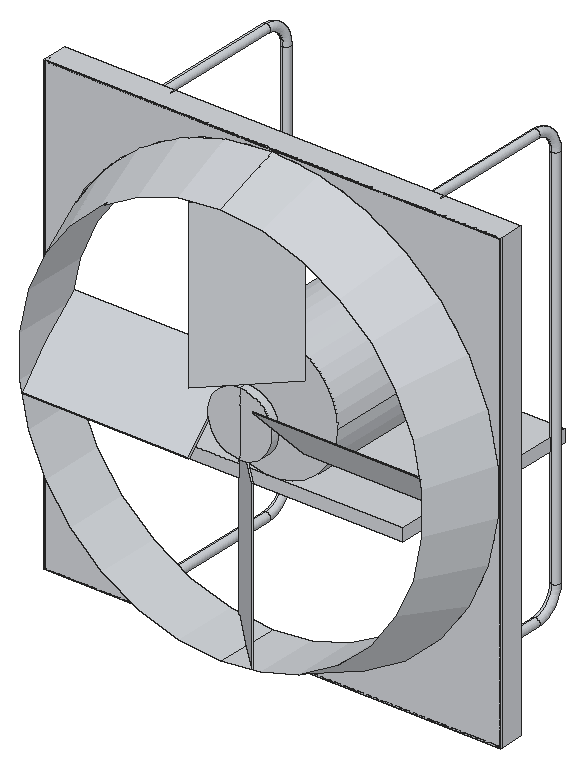
Revit family "AWD", category Mechanical Equipment, Revit 2019
Family settings
  Round Connector Dimension = Use Diameter
  Part Type = Normal
  Work Plane-Based = No
  Always vertical = Yes
  Cut with Voids When Loaded = No
  Shared = No
  Room Calculation Point = No
Parameters (values of type "48_AWD")
  Wire_Guard [instance] = no
  Weather_Hood [instance] = no
  Wall_Collar [instance] = no
  WH_B/2 = WH_B / 2  # 29"
  WH_B = 58"
  WH_A = 44 3/16"
  WG_D = 13 7/16"
  WG_C = 1 1/2"
  WG_B = 55"
  WC_C = 52 1/2"
  WC_B = 57 5/8"
  92 = 92.00°  # constant formula
  130 = 130.00°  # constant formula
  -WH_B/2 = -WH_B / 2  # -29"
  -WC_D = -19 11/16"
  WC_A = 54 1/4"
  -WG_A = -28 7/16"
  Unit Weight [instance] = ""
  Sones [instance] = ""
  SIZE/2 = SIZE / 2  # 24"
  SIZE = 48"
  Motor RPM [instance] = ""
  Motor Enclosure [instance] = ""
  LwA [instance] = ""
  Fan RPM [instance] = ""
  D/2 = D / 2  # 1 1/2"
  D = 3"
  C/2 = C / 2  # 3 13/16"
  C = 7 5/8"
  B/2 = B / 2  # 12"
  B = 24"
  A/7 = A / 7  # 7.74107"
  A/3.5 = A / 3.5  # 15.48214"
  A/2 = A / 2  # 27 3/32"
  A = 54 3/16"
  9" = 9"  # constant formula
  3" = 3"  # constant formula
  Brake Hp [instance] = ""
  4" = 4"  # constant formula
  2' = 24"
  2" = 2"  # constant formula
  1" = 1"  # constant formula
  0 = 0"  # constant formula
  Voltage [instance] = 0 V
  URL = "www.lorencook.com"
  Type Comments = "Wall Exhaust Fan Cast Aluminum Propeller Direct Drive"  # constant formula
  Static Pressure [instance] = 0.00 in-wg
  Power [instance] = Voltage * Motor FLA * sqrt(if(Phase = 3, 3, 1))  # 0 VA
  Phase [instance] = 0
  Number of Poles [instance] = 1
  Motor Hp [instance] = "0"
  Motor FLA [instance] = 0 A
  Model = "AWD"  # constant formula
  Manufacturer = "Loren Cook Company"
  CFM [instance] = 0 CFM
  1.5 = 1 1/2"  # constant formula
  .5" = 1/2"  # constant formula
  .125 = 1/8"  # constant formula
  -D = -D  # -3"
  -C/2 = -C / 2  # -3 13/16"
  -B+1" = -B + 1"  # -23"
  -B = -B  # -24"
  -((SIZE/2)-.25") = -((SIZE / 2) - 1/4")  # -23 3/4"
  -((A/2)-C-.5") = -((A / 2) - C - 1/2")  # -18 31/32"
  (SIZE/2)-.25" = (SIZE / 2) - 1/4"  # 23 3/4"
  (A/2)-C-.5" = (A / 2) - C - 1/2"  # 18 31/32"
  (A/2)-1" = (A / 2) - 1/4"  # 26 27/32"
Types (9): name | WH_B/2 | WH_B | WH_A | WG_D | WG_C | WG_B | WC_C | WC_B | -WH_B/2 | -WC_D | WC_A | -WG_A | SIZE/2 | SIZE | D/2 | D | C/2 | C | B/2 | B | A/7 | A/3.5 | A/2 | A | -D | -C/2 | -B+1" | -B | -((SIZE/2)-.25") | -((A/2)-C-.5") | (SIZE/2)-.25" | (A/2)-C-.5" | (A/2)-1"
  (no name) | 29" | 58" | 44 3/16" | 13 7/16" | 1 1/2" | 55" | 52 1/2" | 57 5/8" | -29" | -19 11/16" | 54 1/4" | -28 7/16" | 24" | 48" | 1 1/2" | 3" | 3 13/16" | 7 5/8" | 12" | 24" | 7.74107" | 15.48214" | 27 3/32" | 54 3/16" | -3" | -3 13/16" | -23" | -24" | -23 3/4" | -18 31/32" | 23 3/4" | 18 31/32" | 26 27/32"
  12_AWD | 11" | 22" | 18 11/16" | 12 9/16" | 1" | 17" | 14 3/8" | 19 1/2" | -11" | -14 5/16" | 16 3/16" | -12 9/16" | 6" | 12" | 1" | 2" | 1 5/8" | 3 1/4" | 7 11/16" | 15 3/8" | 2 5/16" | 4 5/8" | 8 3/32" | 16 3/16" | -2" | -1 5/8" | -14 3/8" | -15 3/8" | -5 3/4" | -4 11/32" | 5 3/4" | 4 11/32" | 7 27/32"
  16_AWD | 13" | 26" | 21 11/16" | 12 9/16" | 1" | 21" | 18 3/8" | 23 1/2" | -13" | -15 5/16" | 20 3/16" | -12 9/16" | 8" | 16" | 1" | 2" | 2 1/4" | 4 1/2" | 7 1/16" | 14 1/8" | 2.88393" | 5.76786" | 10 3/32" | 20 3/16" | -2" | -2 1/4" | -13 1/8" | -14 1/8" | -7 3/4" | -5 3/32" | 7 3/4" | 5 3/32" | 9 27/32"
  20_AWD | 15" | 30" | 24 3/8" | 12 9/16" | 1" | 25" | 22 3/8" | 27 1/2" | -15" | -17 1/2" | 24 1/4" | -12 9/16" | 10" | 20" | 1" | 2" | 2 5/8" | 5 1/4" | 7 1/16" | 14 1/8" | 3.45536" | 6.91071" | 12 3/32" | 24 3/16" | -2" | -2 5/8" | -13 1/8" | -14 1/8" | -9 3/4" | -6 11/32" | 9 3/4" | 6 11/32" | 11 27/32"
  24_AWD | 17" | 34" | 27 1/8" | 12 9/16" | 1 1/2" | 31" | 28 7/16" | 33 9/16" | -17" | -18 11/16" | 30 1/4" | -20 9/16" | 12" | 24" | 1" | 2" | 3 3/8" | 6 3/4" | 7 5/16" | 14 5/8" | 4 5/16" | 8 5/8" | 15 3/32" | 30 3/16" | -2" | -3 3/8" | -13 5/8" | -14 5/8" | -11 3/4" | -7 27/32" | 11 3/4" | 7 27/32" | 14 27/32"
  30_AWD | 20" | 40" | 31 7/16" | 12 9/16" | 1 1/2" | 37" | 34 7/16" | 39 9/16" | -20" | -18 11/16" | 36 1/4" | -20 9/16" | 15" | 30" | 1 1/2" | 3" | 3 3/8" | 6 3/4" | 7 5/16" | 14 5/8" | 5.16964" | 10.33929" | 18 3/32" | 36 3/16" | -3" | -3 3/8" | -13 5/8" | -14 5/8" | -14 3/4" | -10 27/32" | 14 3/4" | 10 27/32" | 17 27/32"
  36_AWD | 23" | 46" | 35 11/16" | 12 9/16" | 1 1/2" | 43" | 40 1/2" | 45 9/16" | -23" | -19 7/16" | 42 1/4" | -20 9/16" | 18" | 36" | 1 1/2" | 3" | 3 11/16" | 7 3/8" | 11" | 22" | 6.02679" | 12.05357" | 21 3/32" | 42 3/16" | -3" | -3 11/16" | -21" | -22" | -17 3/4" | -13 7/32" | 17 3/4" | 13 7/32" | 20 27/32"
  42_AWD | 26" | 52" | 39 15/16" | 12 9/16" | 1 1/2" | 49" | 46 1/2" | 51 5/8" | -26" | -19 7/16" | 48 1/4" | -25 9/16" | 21" | 42" | 1 1/2" | 3" | 3 13/16" | 7 5/8" | 12" | 24" | 6.88393" | 13.76786" | 24 3/32" | 48 3/16" | -3" | -3 13/16" | -23" | -24" | -20 3/4" | -15 31/32" | 20 3/4" | 15 31/32" | 23 27/32"
  48_AWD | 29" | 58" | 44 3/16" | 13 7/16" | 1 1/2" | 55" | 52 1/2" | 57 5/8" | -29" | -19 11/16" | 54 1/4" | -28 7/16" | 24" | 48" | 1 1/2" | 3" | 3 13/16" | 7 5/8" | 12" | 24" | 7.74107" | 15.48214" | 27 3/32" | 54 3/16" | -3" | -3 13/16" | -23" | -24" | -23 3/4" | -18 31/32" | 23 3/4" | 18 31/32" | 26 27/32"
Reference planes (in)
  plane 1 "Center (Front/Back)": y = 0
  plane 2: z = 0
  plane 3 "Center (Left/Right)": x = 0.40541
  plane 4: y = 1.5
Forms (in)
  Revolve 1, solid
    sketch origin (0.40541, 0, 0) x (0, 1, 0) y (0, 0, 1)
      loop
        line (-4.8125, 3.8125) -> (-4.8125, 0) -> (-3.8125, 0) -> (-3.8125, 3.8125) -> (-4.8125, 3.8125)
      axis (-4.8125, 0) -> (-3.8125, 0)
    angle from 0 to 360
  Extrusion 2, solid
    sketch origin (0.40541, 0, 0) x (0, 1, 0) y (0, 0, 1)
      loop
        line (0, -3.8125) -> (-7.625, 3.8125) -> (-7.71339, 3.72411) -> (-0.08839, -3.90089) -> (0, -3.8125)
    from 30 to 3.8125 <- "C/2"
  Extrusion 3, solid
    sketch origin (0.40541, 0, 0) x (0, 1, 0) y (-1, 0, 0)
      loop
        line (0, -3.8125) -> (-7.625, 3.8125) -> (-7.71339, 3.72411) -> (-0.08839, -3.90089) -> (0, -3.8125)
    from 30 to 3.8125 <- "C/2"
  Extrusion 4, solid
    sketch origin (0.40541, 0, 0) x (0, 1, 0) y (0, 0, -1)
      loop
        line (0, -3.8125) -> (-7.625, 3.8125) -> (-7.71339, 3.72411) -> (-0.08839, -3.90089) -> (0, -3.8125)
    from 30 to 3.8125 <- "C/2"
  Extrusion 5, solid
    sketch origin (0.40541, 0, 0) x (1, 0, 0) y (0, 1, 0)
      loop
        line (-3.8125, 0) -> (-3.90089, -0.08839) -> (3.72411, -7.71339) -> (3.8125, -7.625) -> (-3.8125, 0)
    from -30 to -3.8125 <- "-C/2"
  Extrusion 6, void
    sketch origin (0, 0, 0) x (1, 0, 0) y (0, 0, 1)
      loop
        circle (0.40541, 0) r 23.75
      loop
        circle (0.40541, 0) r 40
    from 0 to 9 <- "9""
  Extrusion 7, solid
    sketch origin (0, 0, 0) x (1, 0, 0) y (0, 0, 1)
      loop
        line (-26.68834, 27.09375) -> (-26.68834, -27.09375) -> (27.49916, -27.09375) -> (27.49916, 27.09375) -> (-26.68834, 27.09375)
      loop
        circle (0.40541, 0) r 26.84375
    from 0 to -0.125
  Extrusion 8, solid
    sketch origin (0, 0, 0) x (1, 0, 0) y (0, 0, 1)
      loop
        line (-26.68834, 27.09375) -> (-26.68834, -27.09375) -> (27.49916, -27.09375) -> (27.49916, 27.09375) -> (-26.68834, 27.09375)
      loop
        line (27.37416, -26.96875) -> (27.37416, 26.96875) -> (-26.56334, 26.96875) -> (-26.56334, -26.96875) -> (27.37416, -26.96875)
    from 0 to -3 <- "-D"
  Extrusion 9, solid
    sketch origin (0, 0, 0) x (1, 0, 0) y (0, 0, 1)
      loop
        circle (0.40541, 0) r 7.74107
    from 0 to -23 <- "-B+1""
  Extrusion 10, solid
    sketch origin (0, 0, 0) x (1, 0, 0) y (0, 0, 1)
      loop
        line (-15.07673, -7.74107) -> (-15.07673, -9.24107) -> (15.88756, -9.24107) -> (15.88756, -7.74107) -> (-15.07673, -7.74107)
    from 0 to -24 <- "-B"
  Sweep 11, solid
    path origin (0.40541, 0, 0) x (0, 1, 0) y (0, 0, 1)
      loop
        line (0.125, 25.96875) -> (19, 25.96875)
        arc (19, 25.96875) -> (21.12132, 25.09007) -> (22, 22.96875) r 3
        line (22, 22.96875) -> (22, -22.96875)
        arc (22, -22.96875) -> (21.12132, -25.09007) -> (19, -25.96875) r 3
        line (19, -25.96875) -> (0.125, -25.96875)
    profile origin (0.40541, 9.5625, 25.96875) x (0, 0, 1) y (1, 0, 0)
      loop
        circle (0, -15.98214) r 0.5
      loop
        circle (0, 15.98214) r 0.5
  Revolve 12, solid
    sketch origin (0.40541, 0, 0) x (0, 1, 0) y (0, 0, 1)
      loop
        line (0, 26.84375) -> (-7.625, 24) -> (0, 24) -> (0, 26.84375)
      axis (-7.625, 0) -> (0, 0)
    angle from 0 to 360
  Extrusion 13, solid, material "Glass", visible <- "Wire_Guard"
    sketch origin (0, 1.5, 14.40095) x (0, 0, 1) y (-1, 0, 0)
      loop
        line (13.09905, -27.90541) -> (13.09905, 27.09459) -> (-41.90095, 27.09459) -> (-41.90095, -27.90541) -> (13.09905, -27.90541)
    from 13.4375 <- "WG_D" to -28.4375 <- "-WG_A"
  Extrusion 14, solid, visible <- "Wall_Collar"
    sketch origin (0, 3, 0) x (-1, 0, 0) y (0, 0, 1)
      loop
        line (26.84459, 27.25) -> (-27.65541, 27.25) -> (-27.65541, -27.25) -> (26.84459, -27.25) -> (26.84459, 27.25)
      loop
        line (-27.53041, -27.125) -> (26.71959, -27.125) -> (26.71959, 27.125) -> (-27.53041, 27.125) -> (-27.53041, -27.125)
    from 0 to -19.6875 <- "-WC_D"
  Extrusion 15, solid, visible <- "Wall_Collar"
    sketch origin (0, -16.6875, 0) x (1, 0, 0) y (0, 0, 1)
      loop
        line (-28.40709, 28.8125) -> (-28.40709, -28.8125) -> (29.21791, -28.8125) -> (29.21791, 28.8125) -> (-28.40709, 28.8125)
      loop
        line (26.65541, -26.25) -> (26.65541, 26.25) -> (-25.84459, 26.25) -> (-25.84459, -26.25) -> (26.65541, -26.25)
    from 0 to -0.125
  Extrusion 16, solid, visible <- "Weather_Hood"
    sketch origin (0.40541, 0, 0) x (0, 1, 0) y (0, 0, 1)
      loop
        line (-16.6875, 29) -> (-43.32556, 29) -> (-60.875, 8.08539) -> (-19.6875, -29) -> (-16.6875, -29) -> (-16.6875, 29)
    from -29 <- "-WH_B/2" to 29 <- "WH_B/2"
  Extrusion 17, solid, visible <- "Weather_Hood"
    sketch origin (0.40541, -16.6875, -29) x (0, 0, 1) y (1, 0, 0)
      loop
        line (59.5, -30.5) -> (59.5, 30.5) -> (-1.5, 30.5) -> (-1.5, -30.5) -> (59.5, -30.5)
      loop
        line (0, 29) -> (0, -29) -> (58, -29) -> (58, 29) -> (0, 29)
    from 0 to -0.125
Cuts and joins
  Extrusion 6 cuts Revolve 1
  Extrusion 6 cuts Extrusion 2
  Extrusion 6 cuts Extrusion 3
  Extrusion 6 cuts Extrusion 4
  Extrusion 6 cuts Extrusion 5
Dimensions and locks (in)
  "0": Revolve 1 sketch curve to level  (x2)
  "C/2": Revolve 1 sketch curve to level
  "C/2": plane 1 "Center (Front/Back)" to Revolve 1 sketch curve
  "1"": Revolve 1 sketch curve to Revolve 1 sketch curve
  "0": Extrusion 2 sketch curve to plane 1 "Center (Front/Back)"
  "C": plane 1 "Center (Front/Back)" to Extrusion 2 sketch curve
  "C/2": Extrusion 2 sketch curve to level
  "C/2": level to Extrusion 2 sketch curve
  ".125": Extrusion 2 sketch curve to Extrusion 2 sketch curve
  ".125": Extrusion 3 sketch curve to Extrusion 3 sketch curve
  ".125": Extrusion 4 sketch curve to Extrusion 4 sketch curve
  ".125": Extrusion 5 sketch curve to Extrusion 5 sketch curve
  Extrusion 6 sketch curve to plane 3 "Center (Left/Right)" = 0"  (x2)
  level to Extrusion 6 sketch curve = 0"
  Extrusion 6 sketch curve to level = 0"
  "0": Extrusion 3 sketch curve to plane 1 "Center (Front/Back)"
  "C": Extrusion 3 sketch curve to plane 1 "Center (Front/Back)"
  "C/2": plane 3 "Center (Left/Right)" to Extrusion 3 sketch curve
  "C/2": Extrusion 3 sketch curve to plane 3 "Center (Left/Right)"
  "C": plane 1 "Center (Front/Back)" to Extrusion 4 sketch curve
  "0": Extrusion 4 sketch curve to plane 1 "Center (Front/Back)"
  "C/2": level to Extrusion 4 sketch curve
  "C/2": Extrusion 4 sketch curve to level
  "0": Extrusion 5 sketch curve to plane 1 "Center (Front/Back)"
  "C": Extrusion 5 sketch curve to plane 1 "Center (Front/Back)"
  "C/2": plane 3 "Center (Left/Right)" to Extrusion 5 sketch curve
  "C/2": Extrusion 5 sketch curve to plane 3 "Center (Left/Right)"
  "A/2": plane 3 "Center (Left/Right)" to Extrusion 7 sketch curve
  "A/2": Extrusion 7 sketch curve to plane 3 "Center (Left/Right)"
  "A/2": Extrusion 7 sketch curve to level
  "A/2": level to Extrusion 7 sketch curve
  "0": Extrusion 7 sketch curve to level
  "0": Extrusion 7 sketch curve to plane 3 "Center (Left/Right)"
  ".125": Extrusion 8 sketch curve to Extrusion 8 sketch curve  (x4)
  "A/2": plane 3 "Center (Left/Right)" to Extrusion 8 sketch curve  (x2)
  "A/2": level to Extrusion 8 sketch curve
  "A/2": Extrusion 8 sketch curve to level
  "0": Extrusion 9 sketch curve to level
  "0": Extrusion 9 sketch curve to plane 3 "Center (Left/Right)"
  "A/7": level to Extrusion 10 sketch curve
  "1.5": Extrusion 10 sketch curve to Extrusion 10 sketch curve
  "A/3.5": Extrusion 10 sketch curve to plane 3 "Center (Left/Right)"
  "A/3.5": plane 3 "Center (Left/Right)" to Extrusion 10 sketch curve
  "1"": Extrusion 9 to Sweep 11 sketch curve
  ".125": Sweep 11 sketch curve to plane 1 "Center (Front/Back)"  (x2)
  "1"": Extrusion 8 to Sweep 11 sketch curve  (x2)
  "0": Sweep 11 sketch curve to profile plane  (x2)
  ".5"": Sweep 11 sketch curve to Extrusion 10  (x2)
  "0": Revolve 12 sketch curve to plane 1 "Center (Front/Back)"
  "(A/2)-1"": Revolve 12 sketch curve to level
  "SIZE/2": Revolve 12 sketch curve to level
  "0": Revolve 12 sketch curve to level
  "C": plane 1 "Center (Front/Back)" to Revolve 12 sketch curve
  "WG_C": plane 4 to plane 1 "Center (Front/Back)"
  equal spacing: Extrusion 13 sketch curve, plane 3 "Center (Left/Right)", Extrusion 13 sketch curve
  equal spacing: Extrusion 13 sketch curve, level, Extrusion 13 sketch curve
  "WG_B": Extrusion 13 sketch curve to Extrusion 13 sketch curve  (x2)
  equal spacing: Extrusion 14 sketch curve, plane 3 "Center (Left/Right)", Extrusion 14 sketch curve  (x2)
  equal spacing: Extrusion 14 sketch curve, level, Extrusion 14 sketch curve  (x2)
  "WC_A": Extrusion 14 sketch curve to Extrusion 14 sketch curve  (x2)
  ".125": Extrusion 14 sketch curve to Extrusion 14 sketch curve  (x2)
  equal spacing: Extrusion 15 sketch curve, plane 3 "Center (Left/Right)", Extrusion 15 sketch curve  (x2)
  equal spacing: Extrusion 15 sketch curve, level, Extrusion 15 sketch curve  (x2)
  "WC_C": Extrusion 15 sketch curve to Extrusion 15 sketch curve  (x2)
  "WC_B": Extrusion 15 sketch curve to Extrusion 15 sketch curve  (x2)
  equal spacing: Extrusion 16 sketch curve, level, Extrusion 16 sketch curve
  "WH_B": Extrusion 16 sketch curve to Extrusion 16 sketch curve
  "WH_A": Extrusion 16 sketch curve to Extrusion 16 sketch curve
  "3"": Extrusion 16 sketch curve to Extrusion 16 sketch curve
  "0": Extrusion 15 to Extrusion 16 sketch curve
  equal spacing: Extrusion 17 sketch curve, plane 3 "Center (Left/Right)", Extrusion 17 sketch curve  (x2)
  equal spacing: Extrusion 17 sketch curve, level, Extrusion 17 sketch curve  (x2)
  "WH_B": Extrusion 17 sketch curve to Extrusion 17 sketch curve  (x2)
  "1.5": Extrusion 17 sketch curve to Extrusion 17 sketch curve  (x2)
  "(SIZE/2)-.25"": radius of Extrusion 6 sketch curve
  "(A/2)-1"": radius of Extrusion 7 sketch curve
  "A/7": radius of Extrusion 9 sketch curve
  "3"": radius of Sweep 11 sketch curve  (x2)
  ".5"": radius of Sweep 11 sketch curve  (x2)
  "130": angle Extrusion 16 sketch curve to Extrusion 16 sketch curve
  "92": angle Extrusion 16 sketch curve to Extrusion 16 sketch curve
Automatic sketch dimensions
  Revolve 1 sketch curve to plane 1 "Center (Front/Back)" = 0"
  Revolve 1 sketch curve to Revolve 1 sketch curve = 26"
  plane 1 "Center (Front/Back)" to Revolve 12 sketch curve = 1.80178"
  Revolve 12 sketch curve to Revolve 12 sketch curve = 1.44822"
  radius of Extrusion 6 sketch curve = 40"
Connectors (in)
  hvac at (0.40541, 3, 0), driven by "A", driven by "A", driven by "CFM"
    settings: on Extrusion 8, index 1, duct flow 0 CFM, flow factor 0, pres drop 0.00 in-wg, loss coef 0, conn angle 0.00°, conn width 54 3/16", conn height 54 3/16", conn diameter 24", duct sys type 3, conn prof type 1, flow config 0, flow direction 2, loss method 0, conn ref index -1, conn util no, is conn primary yes, conn desc ""
  electrical at (0.40541, 23, 0)
    settings: on Extrusion 9, index 2, voltage 0 V, apparent load 0 VA, apparent load phase1 0 VA, apparent load phase2 0 VA, apparent load phase3 0 VA, power factor 1, load classification "Other", number of poles 1, system type 30, power factor state 1, is connector primary yes, connector utility no, sub classification motor no, connector description ""
